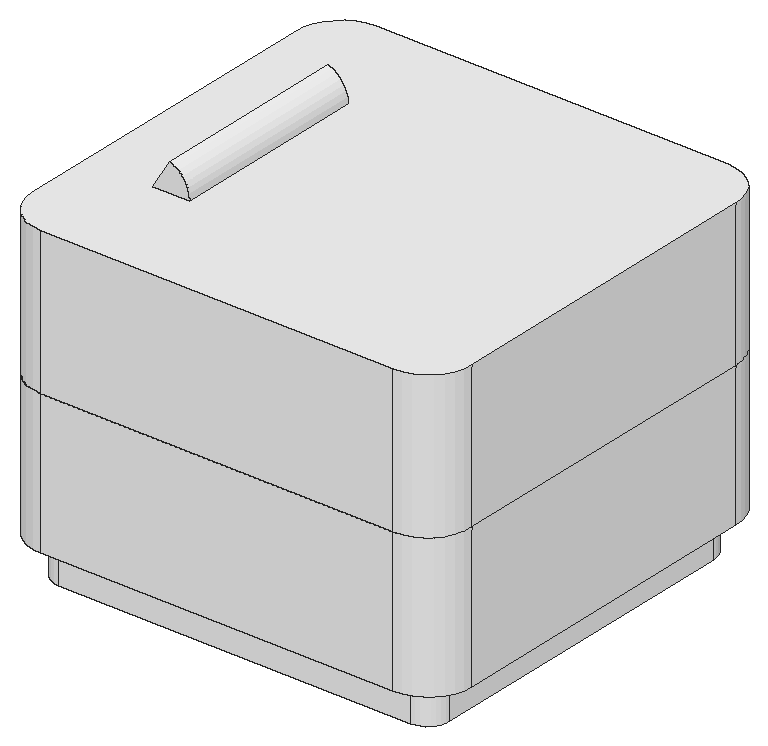
Revit family "Gira_044630", category Electrical Fixtures, host Face, Revit 2017
Family settings
  Host = Face
  Maintain Annotation Orientation = Yes
  Round Connector Dimension = Use Diameter
  Part Type = Normal
  Cut with Voids When Loaded = No
  Shared = No
  Room Calculation Point = No
Parameters (values of type "SCHUKO HC OR + in.sp. WP surface-mounted orange")
  URL = "http://katalog.gira.de/en/datenblatt.html?artikelnr=044630"
  Transparent = "No"
  Name = "SCHUKO HC OR + in.sp. WP surface-mounted orange"
  Model = "Protective contact (SCHUKO)"
  Manufacturer URL = "https://www.gira.de/"
  Manufacturer = "Gira"
  Keynote = ""
  HeinzeBIM = "https://bimportal.heinze.de/bim/schuko-hc-or-in-sp-wp-surface-mounted-orange/882a982c10afba42a8e0f0aaf0d738539615d737"
  HAN = "044630"
  GTIN = "4010337446309"
  Description = "SCHUKO HC OR in.sp. WP SM OR,SCHUKO socket outlet 16 A 250 V~,with orange hinged cover and inscription space,orange,Notes :,- The bases of the SCHUKO socket outlets are marked with the respective colour."
  Default Elevation = 1219.2 mm
  Data sheet (1) = "https://katalog.gira.de/en/download.html?artikelnr=044630"
  Category = "Socket outlet"
  BIM (1) = "https://media.stage.bim.site/public/gira/36a6b08/IP44_Komplettgerät_Steckdose.rfa?public/gira/36a6b08/IP44_Komplettgerät_Steckdose.rfa"
  Available = "No"
Reference planes
  plane 1 "Center (Front/Back)": y = 0
  plane 2: z = 0
  plane 3 "Center (Left/Right)": x = 0
Forms (mm)
  Extrusion 1, solid, material "White", detail levels fine
    sketch origin (41, 0, 0) x (1, 0, 0) y (0, 1, 0)
      loop
        line (-9, 38) -> (-73, 38)
        arc (-73, 38) -> (-78.657, 35.657) -> (-81, 30) r 8
        line (-81, 30) -> (-81, -30)
        arc (-81, -30) -> (-78.657, -35.657) -> (-73, -38) r 8
        line (-73, -38) -> (-9, -38)
        arc (-9, -38) -> (-3.343, -35.657) -> (-1, -30) r 8
        line (-1, -30) -> (-1, 30)
        arc (-1, 30) -> (-3.343, 35.657) -> (-9, 38) r 8
    from 0 to 26
  Extrusion 2, solid, material "White", detail levels fine
    sketch origin (41, 0, 0) x (1, 0, 0) y (0, 1, 0)
      loop
        line (-9, 38) -> (-73, 38)
        arc (-73, 38) -> (-78.657, 35.657) -> (-81, 30) r 8
        line (-81, 30) -> (-81, -30)
        arc (-81, -30) -> (-78.657, -35.657) -> (-73, -38) r 8
        line (-73, -38) -> (-9, -38)
        arc (-9, -38) -> (-3.343, -35.657) -> (-1, -30) r 8
        line (-1, -30) -> (-1, 30)
        arc (-1, 30) -> (-3.343, 35.657) -> (-9, 38) r 8
    from 26 to 52.5
  Extrusion 3, solid, material "White", detail levels fine
    sketch origin (41, 0, 0) x (1, 0, 0) y (0, 0, 1)
      loop
        line (-68.7, 52.5) -> (-62.067, 52.5)
        arc (-62.067, 52.5) -> (-63.019, 55.628) -> (-65.7, 57.5) r 5
        line (-65.7, 57.5) -> (-68.7, 52.5)
    from 18 to -18
  Extrusion 4, solid, material "White", detail levels medium
    sketch origin (41, -5.734, 0) x (1, 0, 0) y (0, 1, 0)
      loop
        line (-9, 43.734) -> (-73, 43.734)
        arc (-73, 43.734) -> (-78.657, 41.391) -> (-81, 35.734) r 8
        line (-81, 35.734) -> (-81, -24.266)
        arc (-81, -24.266) -> (-78.657, -29.923) -> (-73, -32.266) r 8
        line (-73, -32.266) -> (-9, -32.266)
        arc (-9, -32.266) -> (-3.343, -29.923) -> (-1, -24.266) r 8
        line (-1, -24.266) -> (-1, 35.734)
        arc (-1, 35.734) -> (-3.343, 41.391) -> (-9, 43.734) r 8
    from 0 to 52.5
  Extrusion 5, solid, material "White", detail levels medium
    sketch origin (41, 0, 0) x (1, 0, 0) y (0, 0, 1)
      loop
        line (-68.7, 57.5) -> (-68.7, 52.5) -> (-62.067, 52.5) -> (-62.067, 57.5) -> (-68.7, 57.5)
    from -18 to 18
  Extrusion 6, solid, material "White", detail levels coarse
    sketch origin (41, 0, 0) x (1, 0, 0) y (0, 1, 0)
      loop
        line (-1, 38) -> (-81, 38) -> (-81, -38) -> (-1, -38) -> (-1, 38)
    from -7 to 57.5
  Extrusion 7, solid, material "White", detail levels medium+fine
    sketch origin (41, 0, 0) x (1, 0, 0) y (0, 1, 0)
      loop
        line (-9, 34) -> (-73, 34)
        arc (-73, 34) -> (-75.828, 32.828) -> (-77, 30) r 4
        line (-77, 30) -> (-77, -30)
        arc (-77, -30) -> (-75.828, -32.828) -> (-73, -34) r 4
        line (-73, -34) -> (-9, -34)
        arc (-9, -34) -> (-6.172, -32.828) -> (-5, -30) r 4
        line (-5, -30) -> (-5, 30)
        arc (-5, 30) -> (-6.172, 32.828) -> (-9, 34) r 4
    from 0 to -7
Dimensions and locks
  Extrusion 6 to plane 3 "Center (Left/Right)" to Extrusion 6 = 40 mm, 40 mm
  aligned and locked: plane 2 to host face
  aligned and locked: level to host face
  aligned and locked: plane 3 "Center (Left/Right)" to nested 1
  aligned and locked: plane 1 "Center (Front/Back)" to nested 1
Nested families
  nested 1: "Steckdose 1-fach Beschriftung" at (0, 0, 0), type "Steckdose 1-fach Beschriftung"
Connectors
  electrical at (0, 0, -7)
    settings: on Extrusion 7, index 1, voltage 220 V, apparent load 0 VA, apparent load phase1 0 VA, apparent load phase2 0 VA, apparent load phase3 0 VA, power factor 1, load classification "Other", number of poles 1, system type 31, power factor state 1, is connector primary yes, connector utility no, sub classification motor no, connector description ""
Definition of nested family "Steckdose 1-fach Beschriftung"
  Reference planes
    plane 1: y = 0
    plane 2: x = 0
  Lines and regions (mm)
    detail lines
      curve 1: line (0, 0, 0) -> (0, 2, 0)
      curve 3: line (0, 2, 0) -> (-1, 2, 0)
      curve 4: arc (1, 3, 0) -> (0, 2, 0) -> (-1, 3, 0) r 1
      curve 5: line (0, 2, 0) -> (1, 2, 0)
    reference lines
      curve 2: line (-0.485, 3, 0) -> (2.315, 3, 0)
  Dimensions and locks
    curve 1 to curve 1 = 2 mm
    plane 1 to curve 2 = 3 mm
    curve 3 to curve 3 = 1 mm
